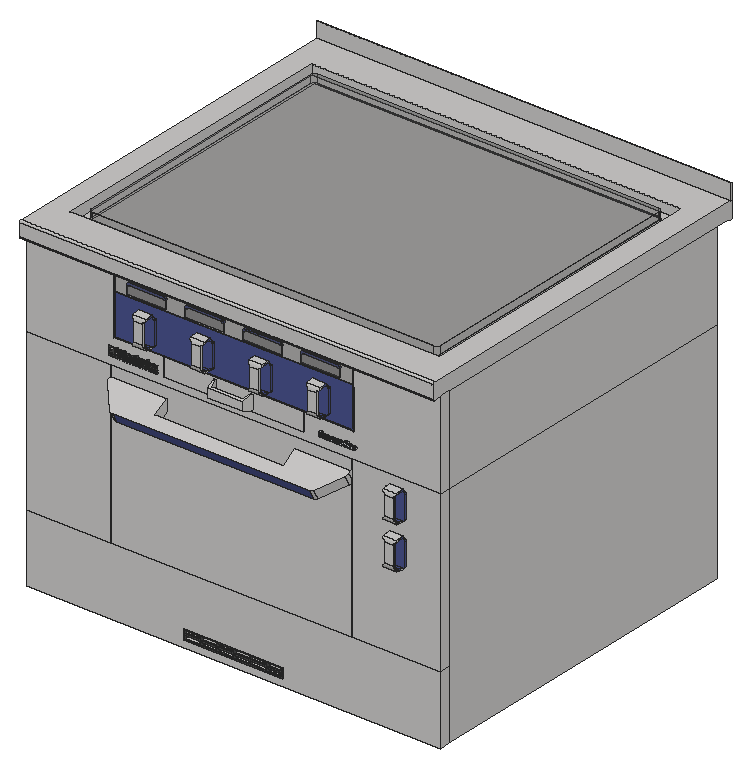
Revit family "QF_ELECTROLUXPROFESSIONAL_589659_MCLMFBJ8AO", category Attrezzature speciali, Revit 2020 (continued)
Definition of nested family "Front_Panel_W1000_Four Knobs"
  Definition of nested family "ELX_Professional_Logo_Small"
    Forms (mm)
      Extrusion 2, solid, material <- "Material_Logo"
        sketch origin (15.5, 0, 0) x (1, 0, 0) y (0, 1, 0)
          loop
            spline (-21.915, 1.897) -> (-21.957, 2.615) -> (-22.082, 3.303) -> (-22.285, 3.955) -> (-22.563, 4.564) -> (-22.913, 5.124) -> (-23.331, 5.629) -> (-23.814, 6.074) -> (-24.359, 6.451) -> (-24.961, 6.755) -> (-25.618, 6.98) -> (-26.326, 7.119) -> (-27.081, 7.167)
            spline (-27.081, 7.167) -> (-27.853, 7.122) -> (-28.586, 6.99) -> (-29.275, 6.774) -> (-29.915, 6.478) -> (-30.5, 6.104) -> (-31.024, 5.657) -> (-31.483, 5.138) -> (-31.871, 4.553) -> (-32.182, 3.904) -> (-32.411, 3.194) -> (-32.552, 2.427) -> (-32.6, 1.606)
            spline (-32.6, 1.606) -> (-32.553, 0.805) -> (-32.416, 0.057) -> (-32.193, -0.637) -> (-31.887, -1.271) -> (-31.504, -1.843) -> (-31.048, -2.35) -> (-30.523, -2.788) -> (-29.934, -3.154) -> (-29.284, -3.444) -> (-28.579, -3.656) -> (-27.822, -3.785) -> (-27.019, -3.829)
            spline (-27.019, -3.829) -> (-26.627, -3.82) -> (-26.239, -3.79) -> (-25.856, -3.739) -> (-25.477, -3.663) -> (-25.103, -3.562) -> (-24.734, -3.432) -> (-24.369, -3.273) -> (-24.01, -3.082) -> (-23.655, -2.858) -> (-23.305, -2.597) -> (-22.96, -2.299) -> (-22.621, -1.962)
            line (-22.621, -1.962) -> (-24.114, -0.509)
            spline (-24.114, -0.509) -> (-24.311, -0.699) -> (-24.509, -0.872) -> (-24.71, -1.03) -> (-24.915, -1.172) -> (-25.126, -1.297) -> (-25.346, -1.407) -> (-25.576, -1.5) -> (-25.817, -1.576) -> (-26.072, -1.636) -> (-26.342, -1.678) -> (-26.629, -1.704) -> (-26.936, -1.713)
            spline (-26.936, -1.713) -> (-27.384, -1.691) -> (-27.805, -1.625) -> (-28.196, -1.518) -> (-28.556, -1.372) -> (-28.882, -1.187) -> (-29.174, -0.966) -> (-29.429, -0.71) -> (-29.645, -0.422) -> (-29.821, -0.102) -> (-29.955, 0.247) -> (-30.045, 0.623) -> (-30.089, 1.026)
            line (-30.089, 1.026) -> (-21.956, 1.026) -> (-21.915, 1.897)
          loop
            spline (-24.446, 2.769) -> (-24.47, 3.075) -> (-24.54, 3.37) -> (-24.654, 3.65) -> (-24.807, 3.913) -> (-24.996, 4.156) -> (-25.219, 4.376) -> (-25.472, 4.57) -> (-25.753, 4.736) -> (-26.057, 4.869) -> (-26.382, 4.968) -> (-26.724, 5.03) -> (-27.081, 5.051)
            spline (-27.081, 5.051) -> (-27.464, 5.03) -> (-27.832, 4.97) -> (-28.183, 4.872) -> (-28.513, 4.74) -> (-28.819, 4.577) -> (-29.099, 4.384) -> (-29.347, 4.165) -> (-29.563, 3.923) -> (-29.742, 3.659) -> (-29.881, 3.377) -> (-29.977, 3.079) -> (-30.027, 2.769)
            line (-30.027, 2.769) -> (-24.446, 2.769)
          loop
            spline (-18.167, 1.669) -> (-18.138, 2.13) -> (-18.055, 2.567) -> (-17.921, 2.978) -> (-17.739, 3.358) -> (-17.512, 3.705) -> (-17.243, 4.016) -> (-16.937, 4.287) -> (-16.596, 4.517) -> (-16.223, 4.7) -> (-15.823, 4.835) -> (-15.398, 4.919) -> (-14.951, 4.947)
            spline (-14.951, 4.947) -> (-14.677, 4.938) -> (-14.414, 4.913) -> (-14.162, 4.871) -> (-13.921, 4.812) -> (-13.69, 4.738) -> (-13.467, 4.649) -> (-13.254, 4.544) -> (-13.048, 4.424) -> (-12.85, 4.291) -> (-12.659, 4.143) -> (-12.474, 3.981) -> (-12.295, 3.806)
            line (-12.295, 3.806) -> (-10.76, 5.403)
            spline (-10.76, 5.403) -> (-11.065, 5.709) -> (-11.38, 5.984) -> (-11.703, 6.228) -> (-12.035, 6.443) -> (-12.375, 6.63) -> (-12.723, 6.788) -> (-13.078, 6.92) -> (-13.44, 7.026) -> (-13.809, 7.107) -> (-14.184, 7.164) -> (-14.564, 7.198) -> (-14.951, 7.209)
            spline (-14.951, 7.209) -> (-15.725, 7.161) -> (-16.467, 7.02) -> (-17.169, 6.792) -> (-17.826, 6.482) -> (-18.43, 6.096) -> (-18.976, 5.637) -> (-19.455, 5.112) -> (-19.862, 4.525) -> (-20.19, 3.882) -> (-20.433, 3.189) -> (-20.584, 2.449) -> (-20.635, 1.669)
            spline (-20.635, 1.669) -> (-20.584, 0.889) -> (-20.433, 0.149) -> (-20.19, -0.545) -> (-19.862, -1.187) -> (-19.455, -1.774) -> (-18.976, -2.299) -> (-18.43, -2.758) -> (-17.826, -3.145) -> (-17.169, -3.454) -> (-16.467, -3.682) -> (-15.725, -3.823) -> (-14.951, -3.871)
            spline (-14.951, -3.871) -> (-14.564, -3.86) -> (-14.184, -3.826) -> (-13.809, -3.77) -> (-13.44, -3.689) -> (-13.078, -3.583) -> (-12.723, -3.451) -> (-12.375, -3.292) -> (-12.035, -3.105) -> (-11.703, -2.89) -> (-11.38, -2.646) -> (-11.065, -2.371) -> (-10.76, -2.066)
            line (-10.76, -2.066) -> (-12.295, -0.468)
            spline (-12.295, -0.468) -> (-12.474, -0.643) -> (-12.659, -0.805) -> (-12.85, -0.953) -> (-13.048, -1.087) -> (-13.254, -1.206) -> (-13.467, -1.311) -> (-13.69, -1.4) -> (-13.921, -1.475) -> (-14.162, -1.533) -> (-14.414, -1.575) -> (-14.677, -1.6) -> (-14.951, -1.609)
            spline (-14.951, -1.609) -> (-15.398, -1.581) -> (-15.823, -1.497) -> (-16.223, -1.362) -> (-16.596, -1.179) -> (-16.937, -0.95) -> (-17.243, -0.678) -> (-17.512, -0.367) -> (-17.739, -0.02) -> (-17.921, 0.36) -> (-18.055, 0.771) -> (-18.138, 1.208) -> (-18.167, 1.669)
          loop
            spline (-4.441, -1.243) -> (-4.659, -1.247) -> (-4.894, -1.23) -> (-5.137, -1.19) -> (-5.384, -1.121) -> (-5.628, -1.021) -> (-5.864, -0.884) -> (-6.084, -0.708) -> (-6.283, -0.488) -> (-6.454, -0.219) -> (-6.592, 0.101) -> (-6.69, 0.478) -> (-6.742, 0.914)
            line (-6.742, 0.914) -> (-6.742, 4.587) -> (-4.487, 4.587) -> (-4.487, 6.838) -> (-6.738, 6.838) -> (-6.738, 10.824) -> (-9.217, 10.824) -> (-9.217, 0.773)
            spline (-9.217, 0.773) -> (-9.164, 0.19) -> (-9.068, -0.358) -> (-8.928, -0.87) -> (-8.742, -1.343) -> (-8.511, -1.777) -> (-8.232, -2.168) -> (-7.904, -2.515) -> (-7.527, -2.816) -> (-7.098, -3.069) -> (-6.618, -3.273) -> (-6.084, -3.426) -> (-5.496, -3.525)
            line (-5.496, -3.525) -> (-4.45, -3.573) -> (-4.441, -1.243)
          loop
            spline (3.898, 6.983) -> (3.469, 7.009) -> (3.056, 7.001) -> (2.661, 6.961) -> (2.283, 6.888) -> (1.925, 6.785) -> (1.588, 6.652) -> (1.272, 6.49) -> (0.979, 6.301) -> (0.71, 6.085) -> (0.465, 5.844) -> (0.247, 5.578) -> (0.056, 5.289)
            line (0.056, 5.289) -> (0.056, 6.838) -> (-2.402, 6.838) -> (-2.402, -3.572) -> (0.056, -3.572) -> (0.056, 1.901)
            spline (0.056, 1.901) -> (0.079, 2.316) -> (0.145, 2.703) -> (0.254, 3.06) -> (0.404, 3.386) -> (0.592, 3.679) -> (0.818, 3.938) -> (1.08, 4.162) -> (1.375, 4.348) -> (1.703, 4.495) -> (2.062, 4.602) -> (2.45, 4.668) -> (2.865, 4.69)
            line (2.865, 4.69) -> (3.898, 4.586) -> (3.898, 6.983)
          loop
            spline (15.638, 1.633) -> (15.586, 2.396) -> (15.435, 3.124) -> (15.192, 3.81) -> (14.863, 4.449) -> (14.455, 5.034) -> (13.975, 5.56) -> (13.43, 6.021) -> (12.826, 6.411) -> (12.17, 6.724) -> (11.469, 6.955) -> (10.729, 7.098) -> (9.958, 7.147)
            spline (9.958, 7.147) -> (9.182, 7.098) -> (8.44, 6.955) -> (7.737, 6.724) -> (7.081, 6.411) -> (6.477, 6.021) -> (5.933, 5.56) -> (5.454, 5.034) -> (5.048, 4.449) -> (4.721, 3.81) -> (4.479, 3.124) -> (4.329, 2.396) -> (4.277, 1.633)
            spline (4.277, 1.633) -> (4.329, 0.869) -> (4.479, 0.141) -> (4.721, -0.544) -> (5.048, -1.183) -> (5.454, -1.768) -> (5.933, -2.294) -> (6.477, -2.755) -> (7.081, -3.145) -> (7.737, -3.459) -> (8.44, -3.69) -> (9.182, -3.833) -> (9.958, -3.882)
            spline (9.958, -3.882) -> (10.729, -3.833) -> (11.469, -3.69) -> (12.17, -3.459) -> (12.826, -3.145) -> (13.43, -2.755) -> (13.975, -2.294) -> (14.455, -1.768) -> (14.863, -1.183) -> (15.192, -0.544) -> (15.435, 0.141) -> (15.586, 0.869) -> (15.638, 1.633)
          loop
            spline (13.18, 1.633) -> (13.151, 2.083) -> (13.067, 2.513) -> (12.932, 2.918) -> (12.748, 3.296) -> (12.52, 3.642) -> (12.251, 3.954) -> (11.943, 4.227) -> (11.601, 4.459) -> (11.228, 4.645) -> (10.828, 4.782) -> (10.403, 4.867) -> (9.958, 4.896)
            spline (9.958, 4.896) -> (9.509, 4.867) -> (9.081, 4.782) -> (8.679, 4.645) -> (8.306, 4.459) -> (7.964, 4.227) -> (7.658, 3.954) -> (7.39, 3.642) -> (7.163, 3.296) -> (6.981, 2.918) -> (6.847, 2.513) -> (6.765, 2.083) -> (6.736, 1.633)
            spline (6.736, 1.633) -> (6.765, 1.182) -> (6.847, 0.753) -> (6.981, 0.347) -> (7.163, -0.031) -> (7.39, -0.377) -> (7.658, -0.689) -> (7.964, -0.962) -> (8.306, -1.193) -> (8.679, -1.38) -> (9.081, -1.517) -> (9.509, -1.602) -> (9.958, -1.631)
            spline (9.958, -1.631) -> (10.403, -1.602) -> (10.828, -1.517) -> (11.228, -1.38) -> (11.601, -1.193) -> (11.943, -0.962) -> (12.251, -0.689) -> (12.52, -0.377) -> (12.748, -0.031) -> (12.932, 0.347) -> (13.067, 0.753) -> (13.151, 1.182) -> (13.18, 1.633)
          loop
            line (17.162, 4.269) -> (17.162, -3.573) -> (19.642, -3.573) -> (19.642, 10.824) -> (17.162, 10.824) -> (17.162, 4.269)
          loop
            line (28.581, 6.838) -> (28.581, 0.786)
            spline (28.581, 0.786) -> (28.561, 0.393) -> (28.503, 0.038) -> (28.409, -0.279) -> (28.281, -0.559) -> (28.122, -0.802) -> (27.933, -1.011) -> (27.717, -1.185) -> (27.476, -1.325) -> (27.213, -1.433) -> (26.929, -1.509) -> (26.626, -1.554) -> (26.308, -1.569)
            spline (26.308, -1.569) -> (25.99, -1.554) -> (25.688, -1.509) -> (25.404, -1.434) -> (25.141, -1.326) -> (24.9, -1.187) -> (24.684, -1.014) -> (24.496, -0.807) -> (24.336, -0.565) -> (24.209, -0.288) -> (24.115, 0.026) -> (24.057, 0.376) -> (24.037, 0.765)
            line (24.037, 0.765) -> (24.037, 6.838) -> (21.537, 6.838) -> (21.537, 0.558)
            spline (21.537, 0.558) -> (21.581, -0.153) -> (21.71, -0.8) -> (21.916, -1.384) -> (22.195, -1.904) -> (22.54, -2.362) -> (22.944, -2.757) -> (23.403, -3.09) -> (23.909, -3.362) -> (24.456, -3.572) -> (25.04, -3.722) -> (25.652, -3.811) -> (26.288, -3.841)
            spline (26.288, -3.841) -> (26.929, -3.811) -> (27.547, -3.72) -> (28.135, -3.568) -> (28.687, -3.355) -> (29.197, -3.079) -> (29.66, -2.741) -> (30.068, -2.341) -> (30.415, -1.877) -> (30.696, -1.349) -> (30.905, -0.757) -> (31.034, -0.101) -> (31.079, 0.621)
            line (31.079, 0.621) -> (31.079, 6.838) -> (28.581, 6.838)
          loop
            line (40.457, -0.243) -> (38.894, 1.942) -> (40.83, 4.579) -> (42.488, 6.837) -> (39.782, 6.837) -> (37.53, 3.719) -> (35.258, 6.837) -> (32.573, 6.837) -> (34.113, 4.731) -> (36.167, 1.922) -> (34.014, -1.076) -> (32.222, -3.573) -> (34.887, -3.573) -> (37.53, 0.104) -> (40.174, -3.573) -> (42.839, -3.573) -> (40.457, -0.243)
          loop
            line (-46.121, -5.837) -> (-48.039, -5.837) -> (-48.039, -10.814) -> (-47.016, -10.814) -> (-47.016, -9.128) -> (-46.121, -9.128)
            arc (-46.121, -9.128) -> (-44.476, -7.482) -> (-46.121, -5.837) r 1.645
          loop
            line (-46.163, -6.778) -> (-47.016, -6.778) -> (-47.016, -8.187) -> (-46.163, -8.187)
            arc (-46.163, -8.187) -> (-45.458, -7.482) -> (-46.163, -6.778) r 0.704
          loop
            line (-38.313, -5.837) -> (-40.265, -5.837) -> (-40.265, -10.814) -> (-39.241, -10.814) -> (-39.241, -9.1) -> (-38.46, -9.182) -> (-37.48, -10.814) -> (-36.318, -10.814) -> (-37.513, -8.848)
            arc (-37.513, -8.848) -> (-36.888, -8.266) -> (-36.671, -7.441) r 1.536
            arc (-36.671, -7.441) -> (-37.165, -6.305) -> (-38.313, -5.837) r 1.643
          loop
            arc (-38.402, -8.166) -> (-37.707, -7.505) -> (-38.334, -6.778) r 0.696
            line (-38.334, -6.778) -> (-39.241, -6.778) -> (-39.241, -8.166) -> (-38.402, -8.166)
          loop
            circle (-29.965, -8.325) r 2.585
          loop
            circle (-29.965, -8.325) r 1.64
          loop
            line (-23.1, -5.837) -> (-23.1, -10.814) -> (-22.076, -10.814) -> (-22.076, -8.768) -> (-20.204, -8.768) -> (-20.204, -7.828) -> (-22.076, -7.828) -> (-22.076, -6.778) -> (-20.024, -6.778) -> (-20.024, -5.837) -> (-23.1, -5.837)
          loop
            line (-15.802, -5.837) -> (-15.802, -9.2)
            arc (-15.802, -9.2) -> (-15.343, -10.34) -> (-14.209, -10.814) r 1.593
            line (-14.209, -10.814) -> (-12.602, -10.814) -> (-12.602, -10.027) -> (-14.004, -10.027)
            arc (-14.004, -10.027) -> (-14.552, -9.8) -> (-14.779, -9.252) r 0.775
            line (-14.779, -9.252) -> (-14.779, -8.424) -> (-12.789, -8.424) -> (-12.789, -7.642) -> (-14.779, -7.642) -> (-14.779, -6.778) -> (-12.651, -6.778) -> (-12.651, -5.837) -> (-15.802, -5.837)
          loop
            line (-5.909, -7.143) -> (-5.173, -6.638)
            arc (-5.173, -6.638) -> (-5.855, -5.974) -> (-6.781, -5.755) r 1.782
            arc (-6.781, -5.755) -> (-7.397, -5.878) -> (-7.944, -6.189) r 1.974
            arc (-7.944, -6.189) -> (-8.202, -6.5) -> (-8.317, -6.888) r 1.013
            arc (-8.317, -6.888) -> (-8.306, -7.341) -> (-8.192, -7.78) r 1.985
            arc (-8.192, -7.78) -> (-7.749, -8.259) -> (-7.171, -8.563) r 1.928
            arc (-7.171, -8.563) -> (-6.637, -8.779) -> (-6.131, -9.056) r 5.041
            arc (-6.131, -9.056) -> (-5.934, -9.387) -> (-6.09, -9.74) r 0.42
            arc (-6.09, -9.74) -> (-6.631, -9.96) -> (-7.204, -9.845) r 1.016
            arc (-7.204, -9.845) -> (-7.625, -9.603) -> (-7.889, -9.196) r 1.033
            line (-7.889, -9.196) -> (-8.67, -9.686)
            arc (-8.67, -9.686) -> (-8.361, -10.198) -> (-7.908, -10.589) r 1.914
            arc (-7.908, -10.589) -> (-7.334, -10.834) -> (-6.714, -10.896) r 2.063
            arc (-6.714, -10.896) -> (-5.947, -10.743) -> (-5.256, -10.376) r 2.696
            arc (-5.256, -10.376) -> (-4.95, -9.565) -> (-5.108, -8.712) r 1.618
            arc (-5.108, -8.712) -> (-5.448, -8.319) -> (-5.884, -8.035) r 1.876
            arc (-5.884, -8.035) -> (-6.434, -7.789) -> (-6.999, -7.577) r 9.883
            arc (-6.999, -7.577) -> (-7.325, -7.07) -> (-6.854, -6.694) r 0.45
            arc (-6.854, -6.694) -> (-6.329, -6.809) -> (-5.909, -7.143) r 1.197
          loop
            line (1.61, -7.143) -> (2.345, -6.638)
            arc (2.345, -6.638) -> (1.663, -5.974) -> (0.737, -5.755) r 1.782
            arc (0.737, -5.755) -> (0.121, -5.878) -> (-0.425, -6.189) r 1.974
            arc (-0.425, -6.189) -> (-0.683, -6.5) -> (-0.799, -6.888) r 1.013
            arc (-0.799, -6.888) -> (-0.788, -7.341) -> (-0.674, -7.78) r 1.985
            arc (-0.674, -7.78) -> (-0.231, -8.259) -> (0.347, -8.563) r 1.928
            arc (0.347, -8.563) -> (0.881, -8.779) -> (1.387, -9.056) r 5.041
            arc (1.387, -9.056) -> (1.584, -9.387) -> (1.428, -9.74) r 0.42
            arc (1.428, -9.74) -> (0.887, -9.96) -> (0.314, -9.845) r 1.016
            arc (0.314, -9.845) -> (-0.107, -9.603) -> (-0.371, -9.196) r 1.033
            line (-0.371, -9.196) -> (-1.152, -9.686)
            arc (-1.152, -9.686) -> (-0.842, -10.198) -> (-0.39, -10.589) r 1.914
            arc (-0.39, -10.589) -> (0.184, -10.834) -> (0.804, -10.896) r 2.063
            arc (0.804, -10.896) -> (1.572, -10.743) -> (2.263, -10.376) r 2.696
            arc (2.263, -10.376) -> (2.568, -9.565) -> (2.411, -8.712) r 1.618
            arc (2.411, -8.712) -> (2.07, -8.319) -> (1.635, -8.035) r 1.876
            arc (1.635, -8.035) -> (1.084, -7.789) -> (0.519, -7.577) r 9.883
            arc (0.519, -7.577) -> (0.193, -7.07) -> (0.665, -6.694) r 0.45
            arc (0.665, -6.694) -> (1.189, -6.809) -> (1.61, -7.143) r 1.197
          loop
            line (6.801, -5.837) -> (6.801, -10.814) -> (7.825, -10.814) -> (7.825, -5.837) -> (6.801, -5.837)
          loop
            circle (14.724, -8.325) r 1.548
          loop
            circle (14.724, -8.325) r 2.585
          loop
            line (21.59, -10.814) -> (22.623, -10.814) -> (22.623, -7.685) -> (24.9, -10.814) -> (25.895, -10.814) -> (25.895, -5.837) -> (24.861, -5.837) -> (24.861, -9.061) -> (22.585, -5.837) -> (21.59, -5.837) -> (21.59, -10.814)
          loop
            line (31.054, -10.814) -> (31.539, -9.74) -> (33.38, -9.74) -> (33.865, -10.814) -> (34.965, -10.814) -> (32.46, -5.837) -> (29.956, -10.814) -> (31.054, -10.814)
          loop
            line (32.46, -7.698) -> (31.999, -8.719) -> (32.921, -8.719) -> (32.46, -7.698)
          loop
            line (40.047, -9.873) -> (40.047, -5.837) -> (39.024, -5.837) -> (39.024, -10.814) -> (41.961, -10.814) -> (41.961, -9.873) -> (40.047, -9.873)
          loop
            line (-74.986, -10.814) -> (-53.322, -10.814) -> (-53.322, 10.82) -> (-74.986, 10.82) -> (-74.986, -10.814)
          loop
            line (-61.261, 9.758) -> (-61.261, -9.707)
            arc (-61.261, -9.707) -> (-54.066, 0.025) -> (-61.261, 9.758) r 10.18
          loop
            line (-62.251, 8.349) -> (-62.251, 9.758)
            arc (-62.251, 9.758) -> (-70.347, 7.918) -> (-74.247, 0.59) r 9.976
            line (-74.247, 0.59) -> (-71.026, 0.59)
            arc (-71.026, 0.59) -> (-65.274, 2.925) -> (-62.251, 8.349) r 9.351
          loop
            arc (-74.247, -0.539) -> (-70.353, -7.928) -> (-62.251, -9.957) r 10.237
            line (-62.251, -9.957) -> (-62.251, -8.298)
            arc (-62.251, -8.298) -> (-65.274, -2.874) -> (-71.026, -0.539) r 9.351
            line (-71.026, -0.539) -> (-74.247, -0.539)
        from 0 to 1.644
    Dimensions and locks
      aligned and locked: plane 2 to Extrusion 1
      aligned and locked: level to Extrusion 1
